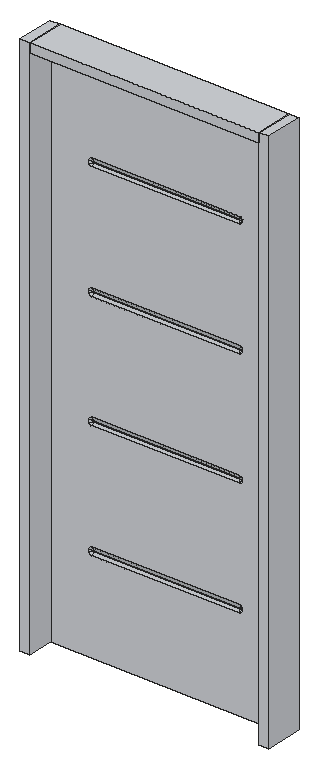
Revit family "Steel-Entrance-Doors_Vog-P12-7ft0in_Novatech", category Doors, host Wall, Revit 2026
Family settings
  Host = Wall
  Classification Number = 23.30.10.00
  Always vertical = Yes
  Cut with Voids When Loaded = No
  Shared = No
  Room Calculation Point = No
Parameters (values of type "3' 0" x 7' 0"")
  URL = "https://www.groupenovatech.com/"
  Thickness = 1.7300"
  Frame Thickness = 1.4850"
  Door Width = 35.7500"
  Door Height = 84.0000"
  Top Distance = 14.2500"
  Symbolic Pattern = Door Width  # 35.7500"
  Specification = "https://www.arcat.com/company/novatech-group-51586/spec"
  Product Page URL = "https://www.arcat.com/arcatcos/cos51/arc51586.html"
  Model = "Vog"
  Manufacturer = "Novatech"
  Keynote = "08 13 00"
  Embossment Height = 1.21875"
  Function = Interior
  Height = 84.0000"
  Wall Closure = By host
  Width = 35.7500"
  Embossment Length = 24.0157"
  Define Thermal Properties by = Schematic Type
  Copyright = "ARCAT"
  CAD Details = "https://www.arcat.com/company/novatech-group-51586/cad"
  C - Distance = 5.9100"
  Bottom Distance = 14.2500"
  B - Distance = 5.8100"
  Analytic Construction = "<None>"
Types (2): name | Door Width | Symbolic Pattern | Width | C - Distance | B - Distance
  2' 10" x 7' 0" | 33.7500" | 33.7500" | 33.7500" | 4.9100" | 4.8100"
  3' 0" x 7' 0" | 35.7500" | 35.7500" | 35.7500" | 5.9100" | 5.8100"
Reference planes (in)
  plane 1: y = 0
  plane 2 "Center (Left/Right)": x = 0
  plane 3 "Left": x = -17.875
  plane 4 "Right": x = 17.875
  plane 5: z = 84
  plane 6 "Exterior": y = 2.95276
  plane 7 "Interior": y = -2.95276
  plane 8: x = 12.065
  plane 9: x = -11.9507
  plane 10: z = 0
  plane 11: y = 1.22276
  plane 12: z = 84
  plane 13: z = 0
  plane 14: y = 38.70276
  plane 15: z = 14.25
  plane 16: z = 15.46875
  plane 17: z = 32.34375
  plane 18: z = 50.4375
  plane 19: z = 51.65625
  plane 20: z = 68.53125
  plane 21: z = 69.75
  plane 22: z = 33.5625
  plane 23: x = -11.3257
  plane 24: x = 11.44
  plane 25: x = 11.44
  plane 26: x = -11.3257
  plane 27: x = 11.44
  plane 28: x = -11.3257
  plane 29: x = 11.44
  plane 30: x = -11.3257
  plane 31: x = 11.44
  plane 32: x = -11.3257
  plane 33: x = -11.3257
  plane 34: x = 11.44
  plane 35: x = -11.3257
  plane 36: x = 11.44
  plane 37: x = -11.3257
  plane 38: x = 11.44
  plane 39: z = 33.03012
  plane 40: z = 32.90337
  plane 41: z = 14.90512
  plane 42: z = 14.80962
  plane 43: z = 51.09262
  plane 44: z = 50.99712
  plane 45: z = 69.18637
  plane 46: z = 69.09087
  plane 47: z = 69.18637
  plane 48: z = 69.09087
  plane 49: z = 51.09262
  plane 50: z = 50.99712
  plane 51: z = 32.99887
  plane 52: z = 32.90337
  plane 53: z = 14.90512
  plane 54: z = 14.80962
  plane 55: x = 19.36
  plane 56: x = -19.36
  plane 57: z = 85.485
Forms (in)
  Extrusion 1, solid
    sketch origin (0, 0, 0) x (1, 0, 0) y (0, 1, 0)
      loop
        line (-17.875, 2.95276) -> (-17.875, 1.22276) -> (17.875, 1.22276) -> (17.875, 2.95276) -> (-17.875, 2.95276)
    from 0 to 84
  Blend 2, void
    base sketch origin (17.875, 1.22276, -17.92549) x (1, 0, 0) y (0, 0, -1)
      loop
        line (-29.2007, -69.00412) -> (-29.16694, -69.01811) -> (-6.46876, -69.01811) -> (-6.435, -69.00412) -> (-6.435, -68.9366) -> (-6.46876, -68.92261) -> (-29.16694, -68.92261) -> (-29.2007, -68.9366) -> (-29.2007, -69.00412)
    top sketch origin (17.875, 1.22276, -17.92549) x (-1, 0, 0) y (0, 0, -1)
      loop
        line (29.4198, -68.36299) -> (6.2159, -68.36299) -> (5.81, -68.76488) -> (5.81, -69.17584) -> (6.2159, -69.58174) -> (29.4198, -69.58174) -> (29.8257, -69.17584) -> (29.8257, -68.76488) -> (29.4198, -68.36299)
    from 0.20024 to 0
  Blend 3, void
    base sketch origin (-17.875, 2.95276, -0.52725) x (-1, 0, 0) y (0, 0, -1)
      loop
        line (-29.28124, -69.71362) -> (-6.58306, -69.71362) -> (-6.5493, -69.69963) -> (-6.5493, -69.63211) -> (-6.58306, -69.61812) -> (-29.28124, -69.61812) -> (-29.315, -69.63211) -> (-29.315, -69.69963) -> (-29.28124, -69.71362)
    top sketch origin (-17.875, 2.95276, -0.52725) x (-1, 0, 0) y (0, 0, -1)
      loop
        line (-6.3302, -70.27725) -> (-5.9243, -69.87135) -> (-5.9243, -69.46039) -> (-6.3302, -69.0585) -> (-29.5341, -69.0585) -> (-29.94, -69.4644) -> (-29.94, -69.87135) -> (-29.5341, -70.27725) -> (-6.3302, -70.27725)
    from 0.19922 to 0
  Blend 4, void
    base sketch origin (-17.875, 2.95276, -18.621) x (-1, 0, 0) y (0, 0, -1)
      loop
        line (-29.28124, -69.71362) -> (-6.58306, -69.71362) -> (-6.5493, -69.69963) -> (-6.5493, -69.63211) -> (-6.58306, -69.61812) -> (-29.28124, -69.61812) -> (-29.315, -69.63211) -> (-29.315, -69.69963) -> (-29.28124, -69.71362)
    top sketch origin (-17.875, 2.95276, -18.621) x (-1, 0, 0) y (0, 0, -1)
      loop
        line (-6.3302, -70.27725) -> (-5.9243, -69.87135) -> (-5.9243, -69.46039) -> (-6.3302, -69.0585) -> (-29.5341, -69.0585) -> (-29.94, -69.4644) -> (-29.94, -69.87135) -> (-29.5341, -70.27725) -> (-6.3302, -70.27725)
    from 0.19922 to 0
  Blend 5, void
    base sketch origin (-17.875, 2.95276, -36.27725) x (-1, 0, 0) y (0, 0, -1)
      loop
        line (-29.28124, -69.27612) -> (-6.58306, -69.27612) -> (-6.5493, -69.26213) -> (-6.5493, -69.19461) -> (-6.58306, -69.18062) -> (-29.28124, -69.18062) -> (-29.315, -69.19461) -> (-29.315, -69.26213) -> (-29.28124, -69.27612)
    top sketch origin (-17.875, 2.95276, -36.27725) x (-1, 0, 0) y (0, 0, -1)
      loop
        line (-6.3302, -69.83975) -> (-5.9243, -69.43385) -> (-5.9243, -69.02289) -> (-6.3302, -68.621) -> (-29.5341, -68.621) -> (-29.94, -69.0269) -> (-29.94, -69.43385) -> (-29.5341, -69.83975) -> (-6.3302, -69.83975)
    from 0.19922 to 0
  Blend 6, void
    base sketch origin (-17.875, 2.95276, -54.371) x (-1, 0, 0) y (0, 0, -1)
      loop
        line (-29.28124, -69.27612) -> (-6.58306, -69.27612) -> (-6.5493, -69.26213) -> (-6.5493, -69.19461) -> (-6.58306, -69.18062) -> (-29.28124, -69.18062) -> (-29.315, -69.19461) -> (-29.315, -69.26213) -> (-29.28124, -69.27612)
    top sketch origin (-17.875, 2.95276, -54.371) x (-1, 0, 0) y (0, 0, -1)
      loop
        line (-6.3302, -69.83975) -> (-5.9243, -69.43385) -> (-5.9243, -69.02289) -> (-6.3302, -68.621) -> (-29.5341, -68.621) -> (-29.94, -69.0269) -> (-29.94, -69.43385) -> (-29.5341, -69.83975) -> (-6.3302, -69.83975)
    from 0.19922 to 0
  Blend 7, void
    base sketch origin (17.875, 1.22276, 0.16826) x (1, 0, 0) y (0, 0, -1)
      loop
        line (-29.2007, -69.00412) -> (-29.16694, -69.01811) -> (-6.46876, -69.01811) -> (-6.435, -69.00412) -> (-6.435, -68.9366) -> (-6.46876, -68.92261) -> (-29.16694, -68.92261) -> (-29.2007, -68.9366) -> (-29.2007, -69.00412)
    top sketch origin (17.875, 1.22276, 0.16826) x (-1, 0, 0) y (0, 0, -1)
      loop
        line (29.4198, -68.36299) -> (6.2159, -68.36299) -> (5.81, -68.76488) -> (5.81, -69.17584) -> (6.2159, -69.58174) -> (29.4198, -69.58174) -> (29.8257, -69.17584) -> (29.8257, -68.76488) -> (29.4198, -68.36299)
    from 0.20024 to 0
  Blend 8, void
    base sketch origin (17.875, 1.22276, -35.58174) x (1, 0, 0) y (0, 0, -1)
      loop
        line (-29.2007, -68.56662) -> (-29.16694, -68.58061) -> (-6.46876, -68.58061) -> (-6.435, -68.56662) -> (-6.435, -68.4991) -> (-6.46876, -68.48511) -> (-29.16694, -68.48511) -> (-29.2007, -68.4991) -> (-29.2007, -68.56662)
    top sketch origin (17.875, 1.22276, -35.58174) x (-1, 0, 0) y (0, 0, -1)
      loop
        line (29.4198, -67.92549) -> (6.2159, -67.92549) -> (5.81, -68.32738) -> (5.81, -68.73834) -> (6.2159, -69.14424) -> (29.4198, -69.14424) -> (29.8257, -68.73834) -> (29.8257, -68.32738) -> (29.4198, -67.92549)
    from 0.20024 to 0
  Blend 9, void
    base sketch origin (17.875, 1.22276, -53.67549) x (1, 0, 0) y (0, 0, -1)
      loop
        line (-29.2007, -68.56662) -> (-29.16694, -68.58061) -> (-6.46876, -68.58061) -> (-6.435, -68.56662) -> (-6.435, -68.4991) -> (-6.46876, -68.48511) -> (-29.16694, -68.48511) -> (-29.2007, -68.4991) -> (-29.2007, -68.56662)
    top sketch origin (17.875, 1.22276, -53.67549) x (-1, 0, 0) y (0, 0, -1)
      loop
        line (29.4198, -67.92549) -> (6.2159, -67.92549) -> (5.81, -68.32738) -> (5.81, -68.73834) -> (6.2159, -69.14424) -> (29.4198, -69.14424) -> (29.8257, -68.73834) -> (29.8257, -68.32738) -> (29.4198, -67.92549)
    from 0.20024 to 0
  Extrusion 10, solid
    sketch origin (0, 0, 0) x (1, 0, 0) y (0, 1, 0)
      loop
        line (-19.36, -2.95276) -> (-17.875, -2.95276) -> (-17.875, 2.95276) -> (-19.36, 2.95276) -> (-19.36, -2.95276)
    from 0 to 85.485
  Extrusion 11, solid
    sketch origin (0, 0, 0) x (1, 0, 0) y (0, 1, 0)
      loop
        line (17.875, 2.95276) -> (17.875, -2.95276) -> (19.36, -2.95276) -> (19.36, 2.95276) -> (17.875, 2.95276)
    from 0 to 85.485
  Extrusion 12, solid
    sketch origin (0, 0, 0) x (0, 1, 0) y (0, 0, 1)
      loop
        line (2.95276, 84) -> (2.95276, 85.485) -> (-2.95276, 85.485) -> (-2.95276, 84) -> (2.95276, 84)
    from -17.875 to 17.875
Cuts and joins
  Blend 2, Blend 3, Blend 4, Blend 5, Blend 6, Blend 7, Blend 8, Blend 9 cuts Extrusion 1
Lines and regions (in)
  Opening 1
    outline origin (-120.07874, -2.95276, 0) x (1, 0, 0) y (0, 0, 1)
      loop
        line (100.71874, 0) -> (139.43874, 0) -> (139.43874, 85.485) -> (100.71874, 85.485) -> (100.71874, 0)
  symbolic lines, style "DoorsPanelProjection"
    curve 1: line (-17.875, 2.95276, 0) -> (-16.14453, 2.95276, 0)
    curve 2: line (-17.875, 38.70276, 0) -> (-17.875, 2.95276, 0)
    curve 3: line (-16.14453, 38.70276, 0) -> (-17.875, 38.70276, 0)
    curve 4: line (-16.14453, 2.95276, 0) -> (-16.14453, 38.70276, 0)
    curve 5: arc (-17.875, 38.70276, 0) -> (7.40407, 28.23182, 0) -> (17.875, 2.95276, 0) r 35.75
  symbolic lines, style "Elevation Swing"
    curve 6: line (-17.875, -2.95276, 42.46875) -> (17.875, -2.95276, 84)
    curve 7: line (-17.875, -2.95276, 42.46875) -> (17.875, -2.95276, 0)
Text (in)
  text "Exterior" at (-81.64806, 43.28909, 0), in view "Ref. Level"
  text "Exterior" at (0, 63.59764, 145.59372), in view "Left"
  text "Exterior" at (0, 40.78868, 152.55637), in view "Right"
  text "Interior" at (-81.64806, -21.30488, 0), in view "Ref. Level"
  text "EXTERIOR SIDE" at (102.69524, 0, 196.51061), in view "Exterior"
  text "Steel Entrance Door - 7' 0\" VOG P12" at (102.38531, 0, 184.92102), in view "Exterior"
  text "INTERIOR SIDE" at (-93.3231, 0, 188.48009), in view "Interior"
  text "Steel Entrance Door - 7' 0\" VOG P12" at (-93.01317, 0, 176.8905), in view "Interior"
Dimensions and locks (in)
  equal spacing: plane 3 "Left", plane 2 "Center (Left/Right)", plane 4 "Right"
  plane 3 "Left" to plane 4 "Right" = 35.7500"  (x2)
  host wall to plane 5 = 84.0000"  (x2)
  locked: plane 6 "Exterior" to host wall
  locked: plane 7 "Interior" to host wall
  "Door Width": plane 3 "Left" to plane 4 "Right"
  "Door Height": level to plane 12
  "Thickness": plane 6 "Exterior" to plane 11
  curve 2 to curve 4 = 1.73047"
  "Symbolic Pattern": plane 6 "Exterior" to plane 14
  locked: plane 24 to plane 8 at 0.625
  locked: plane 9 to plane 23 at 0.625
  locked: plane 8 to plane 25 at 0.625
  locked: plane 26 to plane 9 at 0.625
  "Top Distance": plane 21 to plane 12
  "Embossment Height": plane 20 to plane 21
  plane 19 to plane 20 = 16.8750"
  "Embossment Height": plane 18 to plane 19
  plane 22 to plane 18 = 16.8750"
  "Embossment Height": plane 17 to plane 22
  plane 16 to plane 17 = 16.8750"
  "Embossment Height": plane 15 to plane 16
  "Bottom Distance": level to plane 15
  locked: plane 8 to plane 27 at 0.625
  locked: plane 28 to plane 9 at 0.625
  locked: plane 8 to plane 29 at 0.625
  locked: plane 30 to plane 9 at 0.625
  locked: plane 8 to plane 31 at 0.625
  locked: plane 32 to plane 9 at 0.625
  locked: plane 9 to plane 33 at 0.625
  locked: plane 34 to plane 8 at 0.625
  locked: plane 9 to plane 35 at 0.625
  locked: plane 36 to plane 8 at 0.625
  locked: plane 9 to plane 37 at 0.625
  locked: plane 38 to plane 8 at 0.625
  plane 17 to plane 16 = 16.8750"
  plane 18 to plane 22 = 16.8750"
  plane 20 to plane 19 = 16.8750"
  plane 9 to plane 8 = 24.0157"
  plane 3 "Left" to plane 2 "Center (Left/Right)" to plane 4 "Right" = 17.8750", 17.8750"  (x2)
  "Embossment Length": plane 9 to plane 8
  plane 8 to plane 2 "Center (Left/Right)" to plane 9 = 12.0650", 11.9507"
  locked: Blend 5 sketch curve to plane 22 at 0.56363
  locked: plane 17 to plane 40 at 0.55962
  locked: plane 41 to plane 16 at 0.56363
  locked: plane 15 to plane 42 at 0.55962
  plane 18 to plane 44 = 0.55962"
  plane 43 to plane 19 = 0.56363"
  locked: plane 45 to plane 21 at 0.56363
  locked: plane 20 to plane 46 at 0.55962
  plane 9 to plane 2 "Center (Left/Right)" to plane 8 = 11.9507", 12.0650"
  locked: plane 21 to plane 47 at 0.56363
  locked: plane 48 to plane 20 at 0.55962
  locked: plane 19 to plane 49 at 0.56363
  locked: plane 50 to plane 18 at 0.55962
  locked: plane 22 to plane 51 at 0.56363
  locked: plane 52 to plane 17 at 0.55962
  locked: plane 16 to plane 53 at 0.56363
  locked: plane 54 to plane 15 at 0.55962
  "Frame Thickness": plane 4 "Right" to plane 55
  "Frame Thickness": plane 56 to plane 3 "Left"
  "Frame Thickness": plane 5 to plane 57
  "B - Distance": plane 8 to plane 4 "Right"
  plane 3 "Left" to plane 9 = 5.9243"
  aligned and locked: Opening 1 sketch curve to level
  aligned and locked: plane 1 to host wall
  aligned and locked: plane 12 to cut or joined group of Extrusion 1, Blend 2, Blend 3, Blend 4, Blend 5, Blend 6, Blend 7, Blend 8, Blend 9
  aligned and locked: plane 23 to Blend 2 sketch curve
  aligned and locked: plane 24 to Blend 2 sketch curve
  aligned and locked: Blend 2 sketch curve to plane 8
  aligned and locked: plane 9 to Blend 2 sketch curve
  aligned and locked: Blend 2 sketch curve to plane 19
  aligned and locked: Blend 2 sketch curve to plane 18
  aligned and locked: Blend 3 sketch curve to plane 25
  aligned and locked: Blend 3 sketch curve to plane 26
  aligned and locked: plane 13 to cut or joined group of Extrusion 1, Blend 2, Blend 3, Blend 4, Blend 5, Blend 6, Blend 7, Blend 8, Blend 9
  aligned and locked: cut or joined group of Extrusion 1, Blend 2, Blend 3, Blend 4, Blend 5, Blend 6, Blend 7, Blend 8, Blend 9 to plane 13
  aligned and locked: plane 21 to Blend 3 sketch curve
  aligned and locked: plane 8 to Blend 3 sketch curve
  aligned and locked: Blend 3 sketch curve to plane 20
  aligned and locked: plane 9 to Blend 3 sketch curve
  aligned and locked: Blend 4 sketch curve to plane 27
  aligned and locked: plane 28 to Blend 4 sketch curve
  aligned and locked: plane 19 to Blend 4 sketch curve
  aligned and locked: plane 8 to Blend 4 sketch curve
  aligned and locked: Blend 4 sketch curve to plane 18
  aligned and locked: plane 9 to Blend 4 sketch curve
  aligned and locked: Blend 5 sketch curve to plane 29
  aligned and locked: plane 30 to Blend 5 sketch curve
  aligned and locked: plane 22 to Blend 5 sketch curve
  aligned and locked: Blend 5 sketch curve to plane 17
  aligned and locked: plane 8 to Blend 5 sketch curve
  aligned and locked: plane 9 to Blend 5 sketch curve
  aligned and locked: Blend 6 sketch curve to plane 31
  aligned and locked: plane 32 to Blend 6 sketch curve
  aligned and locked: plane 16 to Blend 6 sketch curve
  aligned and locked: plane 8 to Blend 6 sketch curve
  aligned and locked: Blend 6 sketch curve to plane 15
  aligned and locked: plane 9 to Blend 6 sketch curve
  aligned and locked: plane 33 to Blend 7 sketch curve
  aligned and locked: plane 34 to Blend 7 sketch curve
  aligned and locked: Blend 7 sketch curve to plane 21
  aligned and locked: Blend 7 sketch curve to plane 20
  aligned and locked: plane 9 to Blend 7 sketch curve
  aligned and locked: Blend 7 sketch curve to plane 8
  aligned and locked: plane 35 to Blend 8 sketch curve
  aligned and locked: plane 36 to Blend 8 sketch curve
  aligned and locked: Blend 8 sketch curve to plane 22
  aligned and locked: plane 9 to Blend 8 sketch curve
  aligned and locked: Blend 8 sketch curve to plane 17
  aligned and locked: Blend 8 sketch curve to plane 8
  aligned and locked: plane 37 to Blend 9 sketch curve
  aligned and locked: plane 38 to Blend 9 sketch curve
  aligned and locked: plane 9 to Blend 9 sketch curve
  aligned and locked: Blend 9 sketch curve to plane 16
  aligned and locked: Blend 9 sketch curve to plane 15
  aligned and locked: Blend 9 sketch curve to plane 8
  aligned and locked: plane 3 "Left" to curve 7
  aligned and locked: plane 40 to Blend 5 sketch curve
  aligned and locked: Blend 6 sketch curve to plane 42
  aligned and locked: plane 41 to Blend 6 sketch curve
  aligned and locked: Blend 4 sketch curve to plane 43
  aligned and locked: plane 44 to Blend 4 sketch curve
  aligned and locked: Blend 3 sketch curve to plane 45
  aligned and locked: plane 46 to Blend 3 sketch curve
  aligned and locked: Blend 7 sketch curve to plane 47
  aligned and locked: Blend 7 sketch curve to plane 48
  aligned and locked: Blend 2 sketch curve to plane 49
  aligned and locked: Blend 2 sketch curve to plane 50
  aligned and locked: Blend 8 sketch curve to plane 51
  aligned and locked: Blend 8 sketch curve to plane 52
  aligned and locked: Blend 9 sketch curve to plane 53
  aligned and locked: Blend 9 sketch curve to plane 54
  aligned and locked: Opening 1 sketch curve to plane 56
  aligned and locked: Opening 1 sketch curve to plane 57
  aligned and locked: plane 55 to Opening 1 sketch curve
  aligned and locked: cut or joined group of Extrusion 1, Blend 2, Blend 3, Blend 4, Blend 5, Blend 6, Blend 7, Blend 8, Blend 9 to plane 5
  aligned and locked: Extrusion 10 sketch curve to plane 3 "Left"
  aligned and locked: Extrusion 10 sketch curve to plane 56
  aligned and locked: Extrusion 10 to plane 57
  aligned and locked: Extrusion 11 to plane 57
  aligned and locked: Extrusion 12 sketch curve to plane 12
  aligned and locked: Extrusion 12 sketch curve to plane 57
  aligned and locked: Extrusion 12 sketch curve to plane 6 "Exterior"
  aligned and locked: plane 7 "Interior" to Extrusion 12 sketch curve
  aligned and locked: plane 3 "Left" to Extrusion 12
  aligned and locked: Extrusion 12 to plane 4 "Right"
  aligned and locked: Extrusion 10 sketch curve to plane 6 "Exterior"
  aligned and locked: plane 7 "Interior" to Extrusion 10 sketch curve
  aligned and locked: Extrusion 11 sketch curve to plane 7 "Interior"
  aligned and locked: plane 6 "Exterior" to Extrusion 11 sketch curve
  aligned and locked: Extrusion 1 sketch curve to plane 3 "Left"
  aligned and locked: plane 4 "Right" to Extrusion 1 sketch curve
  aligned and locked: plane 6 "Exterior" to Extrusion 1 sketch curve
  aligned and locked: plane 11 to Extrusion 1 sketch curve
Automatic sketch dimensions
  curve 1 to host wall = 0.0000"
  Blend 2 sketch curve to Blend 2 sketch curve = 0.4059"  (x6)
  Blend 2 sketch curve to Blend 2 sketch curve = 0.41095"  (x2)
  Blend 3 sketch curve to Blend 3 sketch curve = 0.4059"  (x6)
  Blend 3 sketch curve to Blend 3 sketch curve = 0.40695"
  Blend 3 sketch curve to Blend 3 sketch curve = 0.41095"
  Blend 4 sketch curve to Blend 4 sketch curve = 0.4059"  (x6)
  Blend 4 sketch curve to Blend 4 sketch curve = 0.40695"
  Blend 4 sketch curve to Blend 4 sketch curve = 0.41095"
  Blend 5 sketch curve to Blend 5 sketch curve = 0.4059"  (x6)
  Blend 5 sketch curve to Blend 5 sketch curve = 0.40695"
  Blend 5 sketch curve to Blend 5 sketch curve = 0.41095"
  Blend 6 sketch curve to Blend 6 sketch curve = 0.4059"  (x6)
  Blend 6 sketch curve to Blend 6 sketch curve = 0.40695"
  Blend 6 sketch curve to Blend 6 sketch curve = 0.41095"
  Blend 7 sketch curve to Blend 7 sketch curve = 0.4059"  (x6)
  Blend 7 sketch curve to Blend 7 sketch curve = 0.41095"  (x2)
  Blend 8 sketch curve to Blend 8 sketch curve = 0.4059"  (x6)
  Blend 8 sketch curve to Blend 8 sketch curve = 0.41095"  (x2)
  Blend 9 sketch curve to Blend 9 sketch curve = 0.4059"  (x6)
  Blend 9 sketch curve to Blend 9 sketch curve = 0.41095"  (x2)
  curve 7 to level = 0.0000"
  curve 6 to plane 5 = 0.0000"
  curve 7 to plane 18 = 7.96875"
  plane 4 "Right" to curve 6 = 0.0000"
  plane 4 "Right" to curve 7 = 0.0000"
  curve 1 to plane 3 "Left" = 0.0000"
  Blend 5 sketch curve to Blend 5 sketch curve = 0.03376"  (x4)
  Blend 5 sketch curve to Blend 5 sketch curve = 0.01399"  (x3)
  Blend 5 sketch curve to Blend 5 sketch curve = 0.06753"
  Blend 6 sketch curve to Blend 6 sketch curve = 0.03376"  (x4)
  Blend 6 sketch curve to Blend 6 sketch curve = 0.01399"  (x3)
  Blend 6 sketch curve to Blend 6 sketch curve = 0.06753"
  Blend 4 sketch curve to Blend 4 sketch curve = 0.03376"  (x4)
  Blend 4 sketch curve to Blend 4 sketch curve = 0.01399"  (x3)
  Blend 4 sketch curve to Blend 4 sketch curve = 0.06753"
  Blend 3 sketch curve to Blend 3 sketch curve = 0.03376"  (x4)
  Blend 3 sketch curve to Blend 3 sketch curve = 0.01399"  (x3)
  Blend 3 sketch curve to Blend 3 sketch curve = 0.06753"
  Blend 7 sketch curve to Blend 7 sketch curve = 0.03376"  (x4)
  Blend 7 sketch curve to Blend 7 sketch curve = 0.01399"  (x3)
  Blend 7 sketch curve to Blend 7 sketch curve = 0.06753"
  Blend 2 sketch curve to Blend 2 sketch curve = 0.03376"  (x4)
  Blend 2 sketch curve to Blend 2 sketch curve = 0.01399"  (x3)
  Blend 2 sketch curve to Blend 2 sketch curve = 0.06753"
  Blend 8 sketch curve to Blend 8 sketch curve = 0.03376"  (x4)
  Blend 8 sketch curve to Blend 8 sketch curve = 0.01399"  (x3)
  Blend 8 sketch curve to Blend 8 sketch curve = 0.06753"  (x2)
  Blend 9 sketch curve to Blend 9 sketch curve = 0.03376"  (x4)
  Blend 9 sketch curve to Blend 9 sketch curve = 0.01399"  (x3)
  Blend 9 sketch curve to Blend 9 sketch curve = 0.06753"
  plane 3 "Left" to curve 7 = 0.0000"
  Extrusion 11 sketch curve to plane 55 = 0.0000"
  Extrusion 11 sketch curve to plane 4 "Right" = 0.0000"
  curve 5 to host wall = 0.0000"
  curve 5 to plane 4 "Right" = 0.0000"
